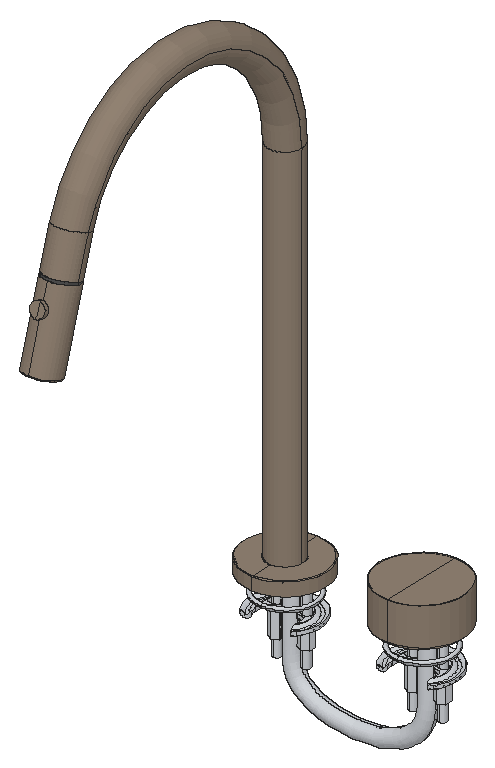
Revit family "Reece_Tap_Milli_Pure_Sink Mixer_Progressive_Pull Out Spray_Linear Texture", category Plumbing Fixtures, host Face, Revit 2018
Family settings
  Host = Face
  Round Connector Dimension = Use Diameter
  Part Type = Normal
  Cut with Voids When Loaded = No
  Shared = Yes
  Room Calculation Point = Yes
Parameters (values of type "PVD Brushed Bronze")
  WFU = 0  # constant formula
  URL = "https://www.reece.com.au/product/-9511139"
  Type Comments = "Tap"
  Reece_Tap_Reach = 222.77 mm
  Reece_Tap_Inlet = 12 mm  # constant formula
  Reece_Tap_Clearance = 226.452 mm
  Reece_Product_Web Page = "https://www.reece.com.au/product/-9511139"
  Reece_Product_Type = "Tap"  # constant formula
  Reece_Product_Sub Brand = "Pure"  # constant formula
  Reece_Product_Number = "9511139"
  Reece_Product_Mount = "Hob Mounted"
  Reece_Product_Description = "Milli Pure Progressive Sink Mixer Tap Set with Pull Out Spray and Linear Textured Handle PVD Brushed Bronze (4 Star)"
  Reece_Product_Brand = "Milli"  # constant formula
  Reece_Overall_Length = 265.863 mm
  Reece_Overall_Height = 394.3 mm
  Reece_Material_Secondary = Reece_PVD_Brushed Bronze_Linear Pattern
  Reece_Material-Main = Reece_PVD_Brushed Bronze
  Reece_Detail_Tap_Handle Texture = "Linear Texture"  # constant formula
  Reece_Detail_Installation = ""
  Reece_Detail_Disclaimer = "THIS FILE IS THE PROPERTY OF THE REECE GROUP. IT MAY NOT BE REPRODUCED, REVERSE-ENGINEERED OR MODIFIED. ANY REPUBLICATION, TRANSMISSION OR DISTRIBUTION FOR THE PURPOSE OF COMMERCIALLY EXPLOITING THE FILES IS PROHIBITED."  # constant formula
  Reece_Detail_Connector = ""
  Reece_Detail_Additional = "Sink Mixer Tap with Pull out Spray"  # constant formula
  Reece_3D Texture = no
  Reece_3D Simplified Geometry = not(Reece_3D Texture)  # yes
  Model = "Pure"
  Manufacturer = "Milli"
  Keynote = "Product #9511139, Reece_Tap_Milli_Pure_Sink Mixer_Progressive_Pull Out Spray_Linear Texture - PVD Brushed Bronze"
  HWFU = 0  # constant formula
  Disclaimer = "THIS FILE IS THE PROPERTY OF THE REECE GROUP. IT MAY NOT BE REPRODUCED, REVERSE-ENGINEERED OR MODIFIED. ANY REPUBLICATION, TRANSMISSION OR DISTRIBUTION FOR THE PURPOSE OF COMMERCIALLY EXPLOITING THE FILES IS PROHIBITED."  # constant formula
  Description = "Milli Pure Progressive Sink Mixer Tap Set with Pull Out Spray and Linear Textured Handle PVD Brushed Bronze (4 Star)"
  Default Elevation = 1000 mm
  CWFU = 0  # constant formula
Reference planes
  plane 1 "Center (Front/Back)": y = 0
  plane 2 "Bottom": z = 0
  plane 3 "Center (Left/Right)": x = 0
  plane 4 "Top": z = 394.3
  plane 5: through (0, -222.16, 228.356) normal (0, 0.9522, -0.3054)
  plane 6: y = -222.77
  plane 7: z = 226.452
  plane 8: y = -234.863
  plane 9: y = 31
Forms (mm)
  Extrusion 1, void
    sketch origin (0, 0, 0) x (1, 0, 0) y (0, 1, 0)
      loop
        circle (50, 0) r 17.5
    from 0 to -50
  Revolve 2, solid, material "Reece_PVD_Brushed Bronze" <- "Reece_Material-Main"
    sketch origin (50, 0, 0) x (0, 1, 0) y (0, 0, 1)
      loop
        line (28.5, 0) -> (28.5, 2) -> (0, 2) -> (0, 0) -> (28.5, 0)
      axis (0, 2) -> (0, 0)
    angle from 0 to 360
  Extrusion 3, void
    sketch origin (50, 2, 0) x (1, 0, 0) y (0, 1, 0)
      loop
        circle (-7, -9.5) r 6.7
      loop
        circle (-10.749, 4.019) r 3.519
      loop
        circle (10.75, 4) r 3.5
      loop
        circle (7, -9.5) r 6.7
      loop
        circle (0, 4.7) r 6.7
    from 0 to 4
  Extrusion 4, solid
    sketch origin (50, 2, 0) x (0, 1, 0) y (1, 0, 0)
      loop
        circle (4, 10.75) r 3
      loop
        circle (4, -10.75) r 3
    from 0 to 61.5
  Revolve 5, solid
    sketch origin (50, 0, -7) x (0, 1, 0) y (0, 0, 1)
      loop
        arc (18.75, -21.5) -> (21.75, -23) -> (24.75, -21.5) r 3.75
        line (24.75, -21.5) -> (25.75, -21.5) -> (25.75, -19)
        arc (25.75, -19) -> (24.212, -19.499) -> (22.941, -20.498) r 4.61
        arc (22.941, -20.498) -> (21.841, -21) -> (20.728, -20.527) r 1.5
        arc (20.728, -20.527) -> (19.122, -19.398) -> (17.2, -19) r 4.84
        line (17.2, -19) -> (17.2, -21.5) -> (18.75, -21.5)
      axis (0, -19) -> (0, -21.5)
    angle from 0 to 360
  Extrusion 6, solid
    sketch origin (50, 0, -30) x (1, 0, 0) y (0, 1, 0)
      loop
        arc (-9.053, 2.711) -> (-6.961, 7.197) -> (-11.447, 9.289) r 3.5
        line (-11.447, 9.289) -> (-13.326, 8.605)
        arc (-13.326, 8.605) -> (-15.418, 4.119) -> (-10.932, 2.027) r 3.5
        line (-10.932, 2.027) -> (-9.053, 2.711)
      loop
        arc (-5.01, 5.791) -> (-6.06, 3.288) -> (-8.263, 1.702) r 5
        line (-8.263, 1.702) -> (-13.684, -0.271)
        arc (-13.684, -0.271) -> (-14.638, -1.003) -> (-15, -2.15) r 2
        line (-15, -2.15) -> (-15, -8.417)
        arc (-15, -8.417) -> (0, 17.2) -> (15, -8.417) r 17.2
        line (15, -8.417) -> (15, -2.15)
        arc (15, -2.15) -> (14.638, -1.003) -> (13.684, -0.271) r 2
        line (13.684, -0.271) -> (8.263, 1.702)
        arc (8.263, 1.702) -> (6.06, 3.288) -> (5.01, 5.791) r 5
        line (5.01, 5.791) -> (4.466, 10.221)
        arc (4.466, 10.221) -> (0, 14.173) -> (-4.466, 10.221) r 4.5
        line (-4.466, 10.221) -> (-5.01, 5.791)
      loop
        arc (11.447, 9.289) -> (6.961, 7.197) -> (9.053, 2.711) r 3.5
        line (9.053, 2.711) -> (10.932, 2.027)
        arc (10.932, 2.027) -> (15.418, 4.119) -> (13.326, 8.605) r 3.5
        line (13.326, 8.605) -> (11.447, 9.289)
    from 1.5 to 4
  Extrusion 7, solid
    sketch origin (50, 0, -7) x (1, 0, 0) y (0, 1, 0)
      loop
        circle (10.75, 6) r 3
      loop
        line (10.75, 11.196) -> (6.25, 8.598) -> (6.25, 3.402) -> (10.75, 0.804) -> (15.25, 3.402) -> (15.25, 8.598) -> (10.75, 11.196)
      loop
        circle (-10.75, 6) r 3
      loop
        line (-10.75, 11.196) -> (-15.25, 8.598) -> (-15.25, 3.402) -> (-10.75, 0.804) -> (-6.25, 3.402) -> (-6.25, 8.598) -> (-10.75, 11.196)
    from -41.5 to -23
  Revolve 8, solid
    sketch origin (50, 0, 0) x (0, 1, 0) y (0, 0, 1)
      loop
        circle (22.2, -14) r 1.3
      axis (1, -14) -> (1, -13)
    angle from 0 to 360
  Extrusion 9, void
    sketch origin (50, 0, -23) x (1, 0, 0) y (0, 1, 0)
      loop
        line (27.556, -34.599) -> (27.556, -14.961) -> (20.958, -14.961)
        arc (20.958, -14.961) -> (17.049, -15.272) -> (15, -11.93) r 3.75
        line (15, -11.93) -> (15, -8.417) -> (-15, -8.417) -> (-15, -11.93)
        arc (-15, -11.93) -> (-17.049, -15.272) -> (-20.958, -14.961) r 3.75
        line (-20.958, -14.961) -> (-27.556, -14.961) -> (-27.556, -34.599) -> (27.556, -34.599)
    from -13.943 to 5
  Sweep 10, solid, material "Reece_PVD_Brushed Bronze" <- "Reece_Material-Main"
    path origin (-50, 0, 0) x (0, 1, 0) y (0, 0, 1)
      loop
        line (-204.384, 283.775) -> (-195.222, 312.342)
        arc (-195.222, 312.342) -> (-84.543, 380.598) -> (0, 281.8) r 100
        line (0, 281.8) -> (0, 0)
    profile origin (-50, 0, 140.9) x (1, 0, 0) y (0, 1, 0)
      loop
        circle (0, 0) r 12.5
  Sweep 11, solid, material "Reece_Brass_Matte Black"
    path origin (-50, 0, 0) x (0, 1, 0) y (0, 0, 1)
      loop
        line (-205.056, 281.68) -> (-204.445, 283.585)
    profile origin (-50, -204.751, 282.632) x (0, -0.952219, 0.305416) y (1, 0, 0)
      loop
        circle (0, 0) r 12.5
  Sweep 12, solid, material "Reece_Brass_Matte Black"
    path origin (-50, 0, 0) x (0, 1, 0) y (0, 0, 1)
      loop
        line (-205.056, 281.68) -> (-204.445, 283.585)
    profile origin (-50, -204.751, 282.632) x (0, -0.952219, 0.305416) y (1, 0, 0)
      loop
        circle (0, 0) r 12.5
  Revolve 13, solid, material "Reece_PVD_Brushed Bronze" <- "Reece_Material-Main"
    sketch origin (-50, 0, 0) x (0, 1, 0) y (0, 0, 1)
      loop
        line (-210.5, 223.126) -> (-192.963, 277.801) -> (-205.056, 281.68) -> (-222.16, 228.356) -> (-211.447, 224.92) -> (-211.766, 223.926)
        arc (-211.766, 223.926) -> (-211.713, 223.212) -> (-211.179, 222.734) r 0.956
        line (-211.179, 222.734) -> (-210.5, 223.126)
      axis (-222.77, 226.452) -> (-205.056, 281.68)
    angle from 0 to 360
  Revolve 14, solid, material "Reece_PVD_Brushed Bronze" <- "Reece_Material-Main"
    sketch origin (-50, 0, 0) x (0, 1, 0) y (0, 0, 1)
      loop
        line (-30, 9.4) -> (-30, 0) -> (-10, 0) -> (-10, 7.624) -> (-13.394, 10) -> (-29.4, 10) -> (-30, 9.4)
      axis (0, 10) -> (0, 0)
    angle from 0 to 360
  Revolve 15, solid, material "Reece_Brass_Matte Black"
    sketch origin (-50, 0, 0) x (0, 1, 0) y (0, 0, 1)
      loop
        line (-213.327, 225.523) -> (-222.16, 228.356) -> (-222.601, 226.979) -> (-213.769, 224.146) -> (-213.327, 225.523)
      axis (-222.601, 226.979) -> (-222.16, 228.356)
    angle from 0 to 360
  Extrusion 16, void
    sketch origin (0, -222.16, 228.356) x (0, -0.305416, -0.952219) y (-1, 0, 0)
      loop
        arc (-35.2, 47.723) -> (-33.401, 49.521) -> (-35.2, 51.32) r 1.799
        line (-35.2, 51.32) -> (-39.8, 51.32)
        arc (-39.8, 51.32) -> (-41.599, 49.521) -> (-39.8, 47.723) r 1.799
        line (-39.8, 47.723) -> (-35.2, 47.723)
    from -15 to -11.281
  Revolve 17, solid, material "Reece_PVD_Brushed Bronze" <- "Reece_Material-Main"
    sketch origin (-50, 0, 0) x (0, 1, 0) y (0, 0, 1)
      loop
        line (-226.416, 270.582) -> (-221.018, 268.85) -> (-220.713, 269.803) -> (-223.492, 270.694) -> (-222.118, 274.979) -> (-224.737, 275.819) -> (-226.416, 270.582)
      axis (-221.018, 268.85) -> (-226.416, 270.582)
    angle from 0 to 360
  Extrusion 18, void
    sketch origin (-100, 0, 0) x (1, 0, 0) y (0, 1, 0)
      loop
        circle (50, 0) r 17.5
    from 0 to -50
  Extrusion 19, solid
    sketch origin (-50, 2, 0) x (0, 1, 0) y (1, 0, 0)
      loop
        circle (4, 10.75) r 3
      loop
        circle (4, -10.75) r 3
    from 0 to 61.5
  Revolve 20, solid
    sketch origin (-50, 0, -7) x (0, 1, 0) y (0, 0, 1)
      loop
        arc (18.75, -21.5) -> (21.75, -23) -> (24.75, -21.5) r 3.75
        line (24.75, -21.5) -> (25.75, -21.5) -> (25.75, -19)
        arc (25.75, -19) -> (24.212, -19.499) -> (22.941, -20.498) r 4.61
        arc (22.941, -20.498) -> (21.841, -21) -> (20.728, -20.527) r 1.5
        arc (20.728, -20.527) -> (19.122, -19.398) -> (17.2, -19) r 4.84
        line (17.2, -19) -> (17.2, -21.5) -> (18.75, -21.5)
      axis (0, -19) -> (0, -21.5)
    angle from 0 to 360
  Extrusion 21, solid
    sketch origin (-50, 0, -30) x (1, 0, 0) y (0, 1, 0)
      loop
        arc (-9.053, 2.711) -> (-6.961, 7.197) -> (-11.447, 9.289) r 3.5
        line (-11.447, 9.289) -> (-13.326, 8.605)
        arc (-13.326, 8.605) -> (-15.418, 4.119) -> (-10.932, 2.027) r 3.5
        line (-10.932, 2.027) -> (-9.053, 2.711)
      loop
        arc (-5.01, 5.791) -> (-6.06, 3.288) -> (-8.263, 1.702) r 5
        line (-8.263, 1.702) -> (-13.684, -0.271)
        arc (-13.684, -0.271) -> (-14.638, -1.003) -> (-15, -2.15) r 2
        line (-15, -2.15) -> (-15, -8.417)
        arc (-15, -8.417) -> (0, 17.2) -> (15, -8.417) r 17.2
        line (15, -8.417) -> (15, -2.15)
        arc (15, -2.15) -> (14.638, -1.003) -> (13.684, -0.271) r 2
        line (13.684, -0.271) -> (8.263, 1.702)
        arc (8.263, 1.702) -> (6.06, 3.288) -> (5.01, 5.791) r 5
        line (5.01, 5.791) -> (4.466, 10.221)
        arc (4.466, 10.221) -> (0, 14.173) -> (-4.466, 10.221) r 4.5
        line (-4.466, 10.221) -> (-5.01, 5.791)
      loop
        arc (11.447, 9.289) -> (6.961, 7.197) -> (9.053, 2.711) r 3.5
        line (9.053, 2.711) -> (10.932, 2.027)
        arc (10.932, 2.027) -> (15.418, 4.119) -> (13.326, 8.605) r 3.5
        line (13.326, 8.605) -> (11.447, 9.289)
    from 1.5 to 4
  Extrusion 22, solid
    sketch origin (-50, 0, -7) x (1, 0, 0) y (0, 1, 0)
      loop
        circle (10.75, 6) r 3
      loop
        line (10.75, 11.196) -> (6.25, 8.598) -> (6.25, 3.402) -> (10.75, 0.804) -> (15.25, 3.402) -> (15.25, 8.598) -> (10.75, 11.196)
      loop
        circle (-10.75, 6) r 3
      loop
        line (-10.75, 11.196) -> (-15.25, 8.598) -> (-15.25, 3.402) -> (-10.75, 0.804) -> (-6.25, 3.402) -> (-6.25, 8.598) -> (-10.75, 11.196)
    from -41.5 to -23
  Revolve 23, solid
    sketch origin (-50, 0, 0) x (0, 1, 0) y (0, 0, 1)
      loop
        circle (22.2, -14) r 1.3
      axis (1, -14) -> (1, -13)
    angle from 0 to 360
  Extrusion 24, void
    sketch origin (-50, 0, -23) x (1, 0, 0) y (0, 1, 0)
      loop
        line (27.556, -34.599) -> (27.556, -14.961) -> (20.958, -14.961)
        arc (20.958, -14.961) -> (17.049, -15.272) -> (15, -11.93) r 3.75
        line (15, -11.93) -> (15, -8.417) -> (-15, -8.417) -> (-15, -11.93)
        arc (-15, -11.93) -> (-17.049, -15.272) -> (-20.958, -14.961) r 3.75
        line (-20.958, -14.961) -> (-27.556, -14.961) -> (-27.556, -34.599) -> (27.556, -34.599)
    from -13.943 to 5
  Sweep 25, solid
    path origin (0, 0, 0) x (1, 0, 0) y (0, 0, 1)
      loop
        spline (-50, 0) -> (-50, -35.658) -> (-49.855, -51.176) -> (-48.185, -64.973) -> (-40.224, -77.244) -> (-23.351, -85.775) -> (-1.747, -89.448) -> (19.693, -87.466) -> (37.142, -80.02) -> (47.233, -67.671) -> (49.994, -51.322) -> (50.019, -32.006) -> (50, 0)
    profile origin (-1.747, 0, -89.448) x (0.041345, 0, 0.999145) y (0, -1, 0)
      loop
        circle (0, -6.25) r 6
Cuts and joins
  Extrusion 3, Extrusion 18 cuts Revolve 2
  Extrusion 3, Extrusion 18 cuts Extrusion 4
  Extrusion 9 cuts Revolve 5
  joined: Sweep 10, Revolve 14
  Extrusion 16 cuts Revolve 13
  Extrusion 24 cuts Revolve 20
Text (mm)
  text "Reece Copyright © 2018, Reece Ltd." at (-1403.988, -1192.393, 0), in view "Ref. Level"
  text "Reece ©" at (44.384, 258.95, 192.345), in view "Reece Preview"
Dimensions and locks
  "Reece_Overall_Height": plane 4 "Top" to plane 2 "Bottom"
  Revolve 13 sketch curve to Revolve 13 sketch curve = 12.7 mm
  "Reece_Tap_Clearance": plane 7 to plane 2 "Bottom"
  "Reece_Tap_Reach": plane 1 "Center (Front/Back)" to plane 6
  "Reece_Overall_Length": plane 9 to plane 8
  aligned and locked: plane 2 "Bottom" to host face
  aligned and locked: level to host face
Automatic sketch dimensions
  host sketch curve to host sketch curve = 380.785 mm
  host sketch curve to host sketch curve = 317.421 mm
  Extrusion 1 sketch curve to Extrusion 1 sketch curve = 0 mm  (x2)
  plane 1 "Center (Front/Back)" to Extrusion 1 sketch curve = 0 mm
  plane 3 "Center (Left/Right)" to Extrusion 1 sketch curve = 50 mm
  plane 1 "Center (Front/Back)" to Extrusion 1 sketch curve = 17.5 mm
  Revolve 2 sketch curve to plane 1 "Center (Front/Back)" = 0 mm  (x2)
  level to Revolve 2 sketch curve = 0 mm
  Revolve 2 sketch curve to level = 23.173 mm
  Revolve 2 sketch curve to Revolve 2 sketch curve = 130 mm
  Extrusion 3 sketch curve to plane 1 "Center (Front/Back)" = 6.019 mm
  plane 3 "Center (Left/Right)" to Extrusion 3 sketch curve = 39.251 mm
  Extrusion 3 sketch curve to Extrusion 3 sketch curve = 3.749 mm
  Extrusion 3 sketch curve to Extrusion 3 sketch curve = 10.749 mm
  Extrusion 3 sketch curve to Extrusion 3 sketch curve = 14 mm
  Extrusion 3 sketch curve to Extrusion 3 sketch curve = 10.75 mm
  Extrusion 3 sketch curve to plane 1 "Center (Front/Back)" = 6 mm
  plane 1 "Center (Front/Back)" to Extrusion 3 sketch curve = 7.5 mm  (x2)
  Extrusion 3 sketch curve to plane 1 "Center (Front/Back)" = 6.7 mm
  Extrusion 4 sketch curve to plane 1 "Center (Front/Back)" = 6 mm  (x2)
  plane 3 "Center (Left/Right)" to Extrusion 4 sketch curve = 60.75 mm
  Extrusion 4 sketch curve to Extrusion 4 sketch curve = 21.5 mm
  Revolve 5 sketch curve to plane 1 "Center (Front/Back)" = 0 mm
  Revolve 5 sketch curve to Revolve 5 sketch curve = 1.55 mm
  Revolve 5 sketch curve to Revolve 5 sketch curve = 0.072 mm
  Revolve 5 sketch curve to Revolve 5 sketch curve = 0.632 mm
  Revolve 5 sketch curve to level = 30.84 mm
  Revolve 5 sketch curve to Revolve 5 sketch curve = 0.274 mm
  Revolve 5 sketch curve to Revolve 5 sketch curve = 2.34 mm
  Revolve 5 sketch curve to Revolve 5 sketch curve = 2 mm
  Revolve 5 sketch curve to Revolve 5 sketch curve = 0.25 mm
  Revolve 5 sketch curve to Revolve 5 sketch curve = 2.5 mm  (x2)
  Revolve 5 sketch curve to Revolve 5 sketch curve = 0 mm
  Revolve 5 sketch curve to Revolve 5 sketch curve = 316.97 mm
  plane 4 "Top" to Revolve 5 sketch curve = 442.532 mm
  plane 1 "Center (Front/Back)" to Extrusion 6 sketch curve = 0 mm
  plane 1 "Center (Front/Back)" to Extrusion 6 sketch curve = 8.417 mm
  plane 3 "Center (Left/Right)" to Extrusion 6 sketch curve = 35 mm
  plane 1 "Center (Front/Back)" to Extrusion 6 sketch curve = 0.271 mm  (x2)
  Extrusion 6 sketch curve to Extrusion 6 sketch curve = 1.316 mm
  Extrusion 6 sketch curve to plane 1 "Center (Front/Back)" = 8.605 mm  (x2)
  Extrusion 6 sketch curve to Extrusion 6 sketch curve = 0.358 mm
  Extrusion 6 sketch curve to Extrusion 6 sketch curve = 0.684 mm  (x2)
  Extrusion 6 sketch curve to Extrusion 6 sketch curve = 1.197 mm  (x2)
  Extrusion 6 sketch curve to plane 1 "Center (Front/Back)" = 9.289 mm  (x2)
  Extrusion 6 sketch curve to Extrusion 6 sketch curve = 1.879 mm  (x6)
  Extrusion 6 sketch curve to plane 1 "Center (Front/Back)" = 2.027 mm  (x2)
  Extrusion 6 sketch curve to Extrusion 6 sketch curve = 0.277 mm  (x2)
  Extrusion 6 sketch curve to plane 1 "Center (Front/Back)" = 2.711 mm  (x2)
  Extrusion 6 sketch curve to plane 1 "Center (Front/Back)" = 1.702 mm  (x2)
  Extrusion 6 sketch curve to Extrusion 6 sketch curve = 0.79 mm  (x2)
  Extrusion 6 sketch curve to plane 1 "Center (Front/Back)" = 5.791 mm  (x2)
  Extrusion 6 sketch curve to Extrusion 6 sketch curve = 4.963 mm
  Extrusion 6 sketch curve to plane 1 "Center (Front/Back)" = 10.221 mm  (x2)
  Extrusion 6 sketch curve to Extrusion 6 sketch curve = 0.544 mm  (x2)
  Extrusion 6 sketch curve to Extrusion 6 sketch curve = 5.01 mm
  Extrusion 6 sketch curve to Extrusion 6 sketch curve = 4.466 mm
  Extrusion 6 sketch curve to Extrusion 6 sketch curve = 3.253 mm
  Extrusion 6 sketch curve to Extrusion 6 sketch curve = 0.92 mm
  Extrusion 6 sketch curve to Extrusion 6 sketch curve = 1.474 mm
  plane 1 "Center (Front/Back)" to Extrusion 6 sketch curve = 2.15 mm
  Extrusion 6 sketch curve to Extrusion 6 sketch curve = 2.068 mm
  Extrusion 6 sketch curve to Extrusion 6 sketch curve = 0.548 mm
  Extrusion 7 sketch curve to plane 1 "Center (Front/Back)" = 8.598 mm  (x4)
  plane 3 "Center (Left/Right)" to Extrusion 7 sketch curve = 34.75 mm
  Extrusion 7 sketch curve to plane 1 "Center (Front/Back)" = 0.804 mm  (x2)
  Extrusion 7 sketch curve to Extrusion 7 sketch curve = 4.5 mm  (x6)
  Extrusion 7 sketch curve to plane 1 "Center (Front/Back)" = 11.196 mm  (x2)
  Extrusion 7 sketch curve to Extrusion 7 sketch curve = 0 mm  (x2)
  Extrusion 7 sketch curve to Extrusion 7 sketch curve = 12.5 mm
  Extrusion 7 sketch curve to plane 1 "Center (Front/Back)" = 3.402 mm  (x4)
  Extrusion 7 sketch curve to Extrusion 7 sketch curve = 5.196 mm  (x2)
  Revolve 8 sketch curve to level = 14 mm  (x2)
  Revolve 8 sketch curve to plane 1 "Center (Front/Back)" = 1 mm
  Revolve 8 sketch curve to Revolve 8 sketch curve = 4.102 mm
  plane 3 "Center (Left/Right)" to Extrusion 9 sketch curve = 22.444 mm
  Extrusion 9 sketch curve to Extrusion 9 sketch curve = 6.599 mm  (x2)
  Extrusion 9 sketch curve to Extrusion 9 sketch curve = 2.208 mm  (x2)
  Extrusion 9 sketch curve to Extrusion 9 sketch curve = 3.75 mm  (x2)
  plane 1 "Center (Front/Back)" to Extrusion 9 sketch curve = 8.417 mm
  Extrusion 9 sketch curve to Extrusion 9 sketch curve = 30 mm
  Extrusion 9 sketch curve to Extrusion 9 sketch curve = 3.513 mm
  Extrusion 9 sketch curve to Extrusion 9 sketch curve = 3.514 mm
  Extrusion 9 sketch curve to Extrusion 9 sketch curve = 19.637 mm
  plane 5 to Sweep 10 sketch curve = 0 mm  (x2)
  Sweep 10 sketch curve to plane 1 "Center (Front/Back)" = 0 mm
  level to Sweep 10 sketch curve = 0 mm
  plane 7 to Sweep 10 sketch curve = 55.348 mm
  Sweep 10 sketch curve to plane 6 = 27.548 mm
  Sweep 10 sketch curve to plane 6 = 18.386 mm
  profile plane to Sweep 10 sketch curve = 0 mm
  Sweep 10 sketch curve to profile plane = 0 mm
  plane 5 to Sweep 11 sketch curve = 0 mm  (x2)
  Sweep 11 sketch curve to plane 6 = 17.714 mm
  Sweep 11 sketch curve to Sweep 11 sketch curve = 0.611 mm
  Sweep 11 sketch curve to profile plane = 0 mm  (x2)
  plane 5 to Sweep 12 sketch curve = 0 mm  (x2)
  Sweep 12 sketch curve to plane 6 = 17.714 mm
  Sweep 12 sketch curve to Sweep 12 sketch curve = 0.611 mm
  Sweep 12 sketch curve to profile plane = 0 mm  (x2)
  Revolve 13 sketch curve to plane 5 = 0 mm
  plane 5 to Revolve 13 sketch curve = 0 mm  (x2)
  Revolve 13 sketch curve to plane 6 = 0.611 mm
  Revolve 13 sketch curve to plane 7 = 2.526 mm
  Revolve 13 sketch curve to plane 6 = 11.004 mm
  Revolve 13 sketch curve to plane 7 = 3.718 mm
  Revolve 13 sketch curve to Revolve 13 sketch curve = 0.587 mm
  Revolve 13 sketch curve to Revolve 13 sketch curve = 0.911 mm
  Revolve 13 sketch curve to plane 7 = 3.326 mm
  Revolve 13 sketch curve to plane 6 = 17.714 mm
  Revolve 13 sketch curve to Revolve 13 sketch curve = 0.672 mm
  Revolve 13 sketch curve to plane 6 = 27.548 mm
  level to Revolve 14 sketch curve = 0 mm
  Revolve 14 sketch curve to plane 1 "Center (Front/Back)" = 0 mm
  plane 1 "Center (Front/Back)" to Revolve 14 sketch curve = 10 mm
  Revolve 14 sketch curve to Revolve 14 sketch curve = 3.394 mm
  level to Revolve 14 sketch curve = 10 mm
  Revolve 14 sketch curve to Revolve 14 sketch curve = 16.006 mm
  Revolve 14 sketch curve to Revolve 14 sketch curve = 0.6 mm  (x2)
  Revolve 14 sketch curve to Revolve 14 sketch curve = 2.376 mm
  Revolve 14 sketch curve to plane 7 = 87.067 mm
  Revolve 14 sketch curve to plane 7 = 37.067 mm
  Revolve 15 sketch curve to plane 5 = 0 mm  (x2)
  plane 5 to Revolve 15 sketch curve = 0 mm  (x2)
  Revolve 15 sketch curve to plane 6 = 0.169 mm
  Revolve 15 sketch curve to plane 6 = 0.611 mm
  Revolve 15 sketch curve to plane 7 = 2.306 mm
  Revolve 15 sketch curve to plane 6 = 18.386 mm
  Revolve 15 sketch curve to plane 6 = 27.548 mm
  Extrusion 16 sketch curve to plane 3 "Center (Left/Right)" = 47.723 mm
  Extrusion 16 sketch curve to Extrusion 16 sketch curve = 4.6 mm
  Extrusion 16 sketch curve to Extrusion 16 sketch curve = 1.799 mm
  plane 6 to Revolve 17 sketch curve = 3.646 mm
  plane 6 to Revolve 17 sketch curve = 1.966 mm
  plane 6 to Revolve 17 sketch curve = 0.722 mm
  Revolve 17 sketch curve to plane 6 = 0.652 mm
  Revolve 17 sketch curve to plane 6 = 1.752 mm
  Revolve 17 sketch curve to Revolve 17 sketch curve = 0.305 mm
  plane 7 to Revolve 17 sketch curve = 42.398 mm
  Revolve 17 sketch curve to Revolve 17 sketch curve = 0.952 mm
  Revolve 17 sketch curve to Revolve 17 sketch curve = 1.731 mm
  Revolve 17 sketch curve to Revolve 17 sketch curve = 0.892 mm
  Revolve 17 sketch curve to Revolve 17 sketch curve = 4.285 mm
  Revolve 17 sketch curve to Revolve 17 sketch curve = 0.84 mm
  Revolve 17 sketch curve to Revolve 17 sketch curve = 1.814 mm
  Revolve 17 sketch curve to Revolve 17 sketch curve = 1.148 mm
  Revolve 17 sketch curve to Revolve 17 sketch curve = 0.682 mm
  Revolve 17 sketch curve to Revolve 17 sketch curve = 0.582 mm
  Extrusion 18 sketch curve to Extrusion 18 sketch curve = 0 mm  (x2)
  plane 1 "Center (Front/Back)" to Extrusion 18 sketch curve = 0 mm
  Extrusion 18 sketch curve to plane 3 "Center (Left/Right)" = 50 mm
  plane 1 "Center (Front/Back)" to Extrusion 18 sketch curve = 17.5 mm
  Extrusion 19 sketch curve to plane 1 "Center (Front/Back)" = 6 mm  (x2)
  Extrusion 19 sketch curve to plane 3 "Center (Left/Right)" = 39.25 mm
  Extrusion 19 sketch curve to Extrusion 19 sketch curve = 21.5 mm
  Revolve 20 sketch curve to plane 1 "Center (Front/Back)" = 0 mm
  Revolve 20 sketch curve to Revolve 20 sketch curve = 1.55 mm
  Revolve 20 sketch curve to Revolve 20 sketch curve = 0.072 mm
  Revolve 20 sketch curve to Revolve 20 sketch curve = 0.632 mm
  Revolve 20 sketch curve to level = 30.84 mm
  Revolve 20 sketch curve to Revolve 20 sketch curve = 0.274 mm
  Revolve 20 sketch curve to Revolve 20 sketch curve = 2.34 mm
  Revolve 20 sketch curve to Revolve 20 sketch curve = 2 mm
  Revolve 20 sketch curve to Revolve 20 sketch curve = 0.25 mm
  Revolve 20 sketch curve to Revolve 20 sketch curve = 2.5 mm  (x2)
  Revolve 20 sketch curve to Revolve 20 sketch curve = 0 mm
  Revolve 20 sketch curve to Revolve 20 sketch curve = 316.97 mm
  plane 4 "Top" to Revolve 20 sketch curve = 442.532 mm
  plane 1 "Center (Front/Back)" to Extrusion 21 sketch curve = 0 mm
  plane 1 "Center (Front/Back)" to Extrusion 21 sketch curve = 8.417 mm
  Extrusion 21 sketch curve to plane 3 "Center (Left/Right)" = 65 mm
  plane 1 "Center (Front/Back)" to Extrusion 21 sketch curve = 0.271 mm  (x2)
  Extrusion 21 sketch curve to Extrusion 21 sketch curve = 1.316 mm
  Extrusion 21 sketch curve to plane 1 "Center (Front/Back)" = 8.605 mm  (x2)
  Extrusion 21 sketch curve to Extrusion 21 sketch curve = 0.358 mm
  Extrusion 21 sketch curve to Extrusion 21 sketch curve = 0.684 mm  (x2)
  Extrusion 21 sketch curve to Extrusion 21 sketch curve = 1.197 mm  (x2)
  Extrusion 21 sketch curve to plane 1 "Center (Front/Back)" = 9.289 mm  (x2)
  Extrusion 21 sketch curve to Extrusion 21 sketch curve = 1.879 mm  (x6)
  Extrusion 21 sketch curve to plane 1 "Center (Front/Back)" = 2.027 mm  (x2)
  Extrusion 21 sketch curve to Extrusion 21 sketch curve = 0.277 mm  (x2)
  Extrusion 21 sketch curve to plane 1 "Center (Front/Back)" = 2.711 mm  (x2)
  Extrusion 21 sketch curve to plane 1 "Center (Front/Back)" = 1.702 mm  (x2)
  Extrusion 21 sketch curve to Extrusion 21 sketch curve = 0.79 mm  (x2)
  Extrusion 21 sketch curve to plane 1 "Center (Front/Back)" = 5.791 mm  (x2)
  Extrusion 21 sketch curve to Extrusion 21 sketch curve = 4.963 mm
  Extrusion 21 sketch curve to plane 1 "Center (Front/Back)" = 10.221 mm  (x2)
  Extrusion 21 sketch curve to Extrusion 21 sketch curve = 0.544 mm  (x2)
  Extrusion 21 sketch curve to Extrusion 21 sketch curve = 5.01 mm
  Extrusion 21 sketch curve to Extrusion 21 sketch curve = 4.466 mm
  Extrusion 21 sketch curve to Extrusion 21 sketch curve = 3.253 mm
  Extrusion 21 sketch curve to Extrusion 21 sketch curve = 0.92 mm
  Extrusion 21 sketch curve to Extrusion 21 sketch curve = 1.474 mm
  plane 1 "Center (Front/Back)" to Extrusion 21 sketch curve = 2.15 mm
  Extrusion 21 sketch curve to Extrusion 21 sketch curve = 2.068 mm
  Extrusion 21 sketch curve to Extrusion 21 sketch curve = 0.548 mm
  Extrusion 22 sketch curve to plane 1 "Center (Front/Back)" = 8.598 mm  (x4)
  Extrusion 22 sketch curve to plane 3 "Center (Left/Right)" = 65.25 mm
  Extrusion 22 sketch curve to plane 1 "Center (Front/Back)" = 0.804 mm  (x2)
  Extrusion 22 sketch curve to Extrusion 22 sketch curve = 4.5 mm  (x6)
  Extrusion 22 sketch curve to plane 1 "Center (Front/Back)" = 11.196 mm  (x2)
  Extrusion 22 sketch curve to Extrusion 22 sketch curve = 0 mm  (x2)
  Extrusion 22 sketch curve to Extrusion 22 sketch curve = 12.5 mm
  Extrusion 22 sketch curve to plane 1 "Center (Front/Back)" = 3.402 mm  (x4)
  Extrusion 22 sketch curve to Extrusion 22 sketch curve = 5.196 mm  (x2)
  Revolve 23 sketch curve to level = 14 mm  (x2)
  Revolve 23 sketch curve to plane 1 "Center (Front/Back)" = 1 mm
  Revolve 23 sketch curve to Revolve 23 sketch curve = 4.102 mm
  plane 1 "Center (Front/Back)" to Extrusion 24 sketch curve = 34.599 mm
  Extrusion 24 sketch curve to plane 3 "Center (Left/Right)" = 77.556 mm
  Extrusion 24 sketch curve to Extrusion 24 sketch curve = 6.599 mm  (x2)
  Extrusion 24 sketch curve to Extrusion 24 sketch curve = 2.208 mm  (x2)
  Extrusion 24 sketch curve to Extrusion 24 sketch curve = 3.75 mm  (x2)
  plane 1 "Center (Front/Back)" to Extrusion 24 sketch curve = 8.417 mm
  Extrusion 24 sketch curve to Extrusion 24 sketch curve = 30 mm
  Extrusion 24 sketch curve to Extrusion 24 sketch curve = 6.545 mm  (x2)
  Sweep 25 sketch curve to level = 0 mm
  Sweep 25 sketch curve to plane 3 "Center (Left/Right)" = 50 mm
  plane 3 "Center (Left/Right)" to Sweep 25 sketch curve = 50 mm
  Sweep 25 sketch curve to profile plane = 0 mm
  Sweep 25 sketch curve to plane 1 "Center (Front/Back)" = 6.25 mm
  Revolve 5 sketch curve to plane 9 = 13.8 mm
  Revolve 5 sketch curve to Revolve 5 sketch curve = 3 mm
  Revolve 5 sketch curve to Revolve 5 sketch curve = 2.928 mm
  Revolve 5 sketch curve to Revolve 5 sketch curve = 1 mm
  Revolve 8 sketch curve to plane 9 = 8.8 mm
  Revolve 20 sketch curve to plane 9 = 13.8 mm
  Revolve 20 sketch curve to Revolve 20 sketch curve = 3 mm
  Revolve 20 sketch curve to Revolve 20 sketch curve = 2.928 mm
  Revolve 20 sketch curve to Revolve 20 sketch curve = 1 mm
  Revolve 23 sketch curve to plane 9 = 8.8 mm
  Revolve 2 sketch curve to Revolve 2 sketch curve = 2 mm
  Revolve 2 sketch curve to plane 9 = 2.5 mm
  radius of Extrusion 3 sketch curve = 6.7 mm  (x3)
  radius of Extrusion 3 sketch curve = 3.519 mm
  radius of Extrusion 3 sketch curve = 3.5 mm
  radius of Extrusion 4 sketch curve = 3 mm  (x2)
  radius of Extrusion 7 sketch curve = 3 mm  (x2)
  radius of Revolve 8 sketch curve = 1.3 mm
  radius of Sweep 10 sketch curve = 12.5 mm
  radius of Sweep 11 sketch curve = 12.5 mm
  radius of Sweep 12 sketch curve = 12.5 mm
  radius of Extrusion 19 sketch curve = 3 mm  (x2)
  radius of Extrusion 22 sketch curve = 3 mm  (x2)
  radius of Revolve 23 sketch curve = 1.3 mm
  radius of Sweep 25 sketch curve = 6 mm
Nested families
  nested 1: "Reece_Tap_Milli_Pure_Diverter_Linear Texture_Cap_62mm" at (50, 0, 0), visible <- "Reece_3D Texture", Reece_Material-Main <- "Reece_Material-Main", Reece_Material_Secondary <- "Reece_Material_Secondary", type "62mm x 30mm"
    with Reece_Material_Secondary Reece_PVD_Brushed Bronze_Linear Pattern, Reece_Material-Main Reece_PVD_Brushed Bronze
  nested 2: "Reece_Tap_Milli_Pure_Diverter_Texture_Main_Nested" at (50, 0, 0), visible <- "Reece_3D Simplified Geometry", Reece_Material-Main <- "Reece_Material-Main", Reece_Material_Secondary <- "Reece_Material_Secondary", type "62mm x 30mm"
    with Reece_Material_Secondary Reece_PVD_Brushed Bronze_Linear Pattern, Reece_Material-Main Reece_PVD_Brushed Bronze
Connectors
  piping at (43, -7.5, 4), diameter 12, driven by "Reece_Tap_Inlet"
    settings: on cut or joined group of Revolve 2, Extrusion 3, Extrusion 18, index 1, connector inside diameter 609.6 mm, connector length 0 mm, flow factor 0, pipe flow 0.0 L/s, pressure drop 0.0 Pa, fitting loss kfactor 0, connector angle 0.00°, fixture units 0, engagement length 0 mm, angle of deflection 0.00°, flow configuration 0, flow direction 1, fitting loss method 0, system type 29, joint type 0, gender type 0, connector reference index -1, connector utility 0, adjustable connector no, is connector primary yes, connector description ""
  piping at (57, -7.5, 4), diameter 12, driven by "Reece_Tap_Inlet"
    settings: on cut or joined group of Revolve 2, Extrusion 3, Extrusion 18, index 2, connector inside diameter 609.6 mm, connector length 0 mm, flow factor 0, pipe flow 0.0 L/s, pressure drop 0.0 Pa, fitting loss kfactor 0, connector angle 0.00°, fixture units 0, engagement length 0 mm, angle of deflection 0.00°, flow configuration 0, flow direction 1, fitting loss method 0, system type 29, joint type 0, gender type 0, connector reference index -1, connector utility 0, adjustable connector no, is connector primary no, connector description ""
Definition of nested family "Reece_Tap_Milli_Pure_Diverter_Linear Texture_Cap_62mm"
  Parameters (values of type "62mm x 30mm")
    WFU = 0  # constant formula
    Reece_Overall_Width = 62 mm
    Reece_Overall_Height = 30 mm  # constant formula
    Reece_Material_Secondary [instance] = none
    Reece_Material-Main [instance] = none
    Reece_Detail_Installation = ""
    Reece_Detail_Connector = ""
    Reece_Detail_Additional = ""
    HWFU = 0  # constant formula
    Default Elevation = 1000 mm
    CWFU = 0  # constant formula
  Reference planes
    plane 1 "Center (Front/Back)": y = 0
    plane 2 "Bottom": z = 0
    plane 3 "Center (Left/Right)": x = 0
    plane 4: y = -31
    plane 5: y = 31
    plane 6: z = 30
    plane 7: y = -29
    plane 8: y = 29
  Forms (mm)
    Extrusion 1, solid
      sketch origin (619.2, -619.2, 0) x (1, 0, 0) y (0, 1, 0)
        loop
          line (-809.2, 779.2) -> (-809.2, 461.779) -> (-428.415, 461.779) -> (-428.415, 779.2) -> (-809.2, 779.2)
      from 0 to -9.564
    Revolve 2, solid, material <- "Reece_Material-Main"
      sketch origin (0, 0, -140.292) x (0, 1, 0) y (0, 0, 1)
        loop
          line (0, 148.292) -> (-31, 148.292) -> (-31, 142.292) -> (-29, 142.292) -> (-29, 140.292) -> (-27, 140.292) -> (-27, 144.803) -> (0, 144.803) -> (0, 148.292)
        axis (0, 140.292) -> (0, 148.292)
      angle from 0 to 360
    Extrusion 3, solid, material <- "Reece_Material-Main"
      sketch origin (300, 0, 0) x (1, 0, 0) y (0, 1, 0)
        loop
          arc (-296.03, 29.736) -> (-296.921, 30.824) -> (-298.01, 29.934) r 0.995
          arc (-298.01, 29.934) -> (-298.685, 30.924) -> (-299.653, 30.218) r 0.834
          arc (-299.653, 30.218) -> (-300.619, 30.953) -> (-301.333, 29.97) r 0.849
          arc (-301.333, 29.97) -> (-302.402, 30.885) -> (-303.318, 29.816) r 0.995
          arc (-303.318, 29.816) -> (-304.445, 30.657) -> (-305.288, 29.53) r 0.995
          arc (-305.288, 29.53) -> (-306.469, 30.295) -> (-307.234, 29.115) r 0.995
          arc (-307.234, 29.115) -> (-308.464, 29.799) -> (-309.149, 28.571) r 0.995
          arc (-309.149, 28.571) -> (-310.421, 29.172) -> (-311.024, 27.901) r 0.995
          arc (-311.024, 27.901) -> (-312.333, 28.417) -> (-312.85, 27.108) r 0.995
          arc (-312.85, 27.108) -> (-314.191, 27.536) -> (-314.62, 26.197) r 0.995
          arc (-314.62, 26.197) -> (-315.986, 26.535) -> (-316.325, 25.169) r 0.995
          arc (-316.325, 25.169) -> (-317.71, 25.416) -> (-317.958, 24.031) r 0.995
          arc (-317.958, 24.031) -> (-319.357, 24.186) -> (-319.513, 22.787) r 0.995
          arc (-319.513, 22.787) -> (-320.918, 22.849) -> (-320.981, 21.443) r 0.995
          arc (-320.981, 21.443) -> (-322.388, 21.411) -> (-322.357, 20.004) r 0.995
          arc (-322.357, 20.004) -> (-323.758, 19.879) -> (-323.634, 18.478) r 0.995
          arc (-323.634, 18.478) -> (-325.024, 18.26) -> (-324.808, 16.869) r 0.995
          arc (-324.808, 16.869) -> (-326.18, 16.56) -> (-325.872, 15.187) r 0.995
          arc (-325.872, 15.187) -> (-327.221, 14.787) -> (-326.822, 13.438) r 0.995
          arc (-326.822, 13.438) -> (-328.142, 12.949) -> (-327.654, 11.629) r 0.995
          arc (-327.654, 11.629) -> (-328.938, 11.054) -> (-328.365, 9.77) r 0.995
          arc (-328.365, 9.77) -> (-329.608, 9.111) -> (-328.95, 7.867) r 0.995
          arc (-328.95, 7.867) -> (-330.147, 7.127) -> (-329.408, 5.93) r 0.995
          arc (-329.408, 5.93) -> (-330.553, 5.112) -> (-329.737, 3.966) r 0.995
          arc (-329.737, 3.966) -> (-330.825, 3.074) -> (-329.934, 1.985) r 0.995
          arc (-329.934, 1.985) -> (-330.961, 1.023) -> (-330, -0.004) r 0.995
          arc (-330, -0.004) -> (-330.961, -1.032) -> (-329.934, -1.994) r 0.995
          arc (-329.934, -1.994) -> (-330.824, -3.083) -> (-329.736, -3.975) r 0.995
          arc (-329.736, -3.975) -> (-330.552, -5.121) -> (-329.406, -5.938) r 0.995
          arc (-329.406, -5.938) -> (-330.145, -7.136) -> (-328.948, -7.875) r 0.995
          arc (-328.948, -7.875) -> (-329.605, -9.119) -> (-328.362, -9.778) r 0.995
          arc (-328.362, -9.778) -> (-328.935, -11.063) -> (-327.651, -11.637) r 0.995
          arc (-327.651, -11.637) -> (-328.138, -12.957) -> (-326.818, -13.446) r 0.995
          arc (-326.818, -13.446) -> (-327.216, -14.795) -> (-325.867, -15.195) r 0.995
          arc (-325.867, -15.195) -> (-326.175, -16.567) -> (-324.803, -16.877) r 0.995
          arc (-324.803, -16.877) -> (-325.019, -18.267) -> (-323.629, -18.484) r 0.995
          arc (-323.629, -18.484) -> (-323.752, -19.886) -> (-322.351, -20.011) r 0.995
          arc (-322.351, -20.011) -> (-322.381, -21.417) -> (-320.975, -21.449) r 0.995
          arc (-320.975, -21.449) -> (-320.912, -22.855) -> (-319.506, -22.793) r 0.995
          arc (-319.506, -22.793) -> (-319.35, -24.191) -> (-317.951, -24.036) r 0.995
          arc (-317.951, -24.036) -> (-317.703, -25.421) -> (-316.318, -25.174) r 0.995
          arc (-316.318, -25.174) -> (-315.978, -26.539) -> (-314.612, -26.201) r 0.995
          arc (-314.612, -26.201) -> (-314.183, -27.541) -> (-312.842, -27.112) r 0.995
          arc (-312.842, -27.112) -> (-312.325, -28.421) -> (-311.016, -27.904) r 0.995
          arc (-311.016, -27.904) -> (-310.413, -29.175) -> (-309.141, -28.573) r 0.995
          arc (-309.141, -28.573) -> (-308.455, -29.802) -> (-307.226, -29.117) r 0.995
          arc (-307.226, -29.117) -> (-306.46, -30.297) -> (-305.279, -29.532) r 0.995
          arc (-305.279, -29.532) -> (-304.436, -30.659) -> (-303.309, -29.817) r 0.995
          arc (-303.309, -29.817) -> (-302.393, -30.885) -> (-301.324, -29.971) r 0.995
          arc (-301.324, -29.971) -> (-300.34, -30.976) -> (-299.333, -29.993) r 0.995
          arc (-299.333, -29.993) -> (-298.285, -30.93) -> (-297.346, -29.882) r 0.995
          arc (-297.346, -29.882) -> (-296.237, -30.748) -> (-295.37, -29.641) r 0.995
          arc (-295.37, -29.641) -> (-294.206, -30.431) -> (-293.414, -29.268) r 0.995
          arc (-293.414, -29.268) -> (-292.201, -29.98) -> (-291.488, -28.767) r 0.995
          arc (-291.488, -28.767) -> (-290.229, -29.397) -> (-289.598, -28.139) r 0.995
          arc (-289.598, -28.139) -> (-288.301, -28.684) -> (-287.755, -27.387) r 0.995
          arc (-287.755, -27.387) -> (-286.425, -27.845) -> (-285.966, -26.515) r 0.995
          arc (-285.966, -26.515) -> (-284.608, -26.883) -> (-284.238, -25.526) r 0.995
          arc (-284.238, -25.526) -> (-282.859, -25.803) -> (-282.58, -24.424) r 0.995
          arc (-282.58, -24.424) -> (-281.185, -24.61) -> (-280.999, -23.215) r 0.995
          arc (-280.999, -23.215) -> (-279.595, -23.308) -> (-279.501, -21.904) r 0.995
          arc (-279.501, -21.904) -> (-278.094, -21.903) -> (-278.093, -20.496) r 0.995
          arc (-278.093, -20.496) -> (-276.689, -20.402) -> (-276.782, -18.998) r 0.995
          arc (-276.782, -18.998) -> (-275.388, -18.811) -> (-275.573, -17.416) r 0.995
          arc (-275.573, -17.416) -> (-274.194, -17.137) -> (-274.472, -15.758) r 0.995
          arc (-274.472, -15.758) -> (-273.114, -15.388) -> (-273.483, -14.03) r 0.995
          arc (-273.483, -14.03) -> (-272.153, -13.571) -> (-272.611, -12.241) r 0.995
          arc (-272.611, -12.241) -> (-271.314, -11.694) -> (-271.859, -10.397) r 0.995
          arc (-271.859, -10.397) -> (-270.602, -9.766) -> (-271.232, -8.508) r 0.995
          arc (-271.232, -8.508) -> (-270.019, -7.795) -> (-270.731, -6.582) r 0.995
          arc (-270.731, -6.582) -> (-269.568, -5.79) -> (-270.359, -4.626) r 0.995
          arc (-270.359, -4.626) -> (-269.251, -3.759) -> (-270.117, -2.65) r 0.995
          arc (-270.117, -2.65) -> (-269.069, -1.711) -> (-270.007, -0.662) r 0.995
          arc (-270.007, -0.662) -> (-269.024, 0.344) -> (-270.029, 1.328) r 0.995
          arc (-270.029, 1.328) -> (-269.115, 2.398) -> (-270.184, 3.313) r 0.995
          arc (-270.184, 3.313) -> (-269.342, 4.441) -> (-270.469, 5.283) r 0.995
          arc (-270.469, 5.283) -> (-269.704, 6.464) -> (-270.884, 7.23) r 0.995
          arc (-270.884, 7.23) -> (-270.2, 8.459) -> (-271.428, 9.145) r 0.995
          arc (-271.428, 9.145) -> (-270.826, 10.417) -> (-272.097, 11.02) r 0.995
          arc (-272.097, 11.02) -> (-271.581, 12.329) -> (-272.89, 12.846) r 0.995
          arc (-272.89, 12.846) -> (-272.462, 14.187) -> (-273.801, 14.616) r 0.995
          arc (-273.801, 14.616) -> (-273.463, 15.982) -> (-274.828, 16.321) r 0.995
          arc (-274.828, 16.321) -> (-274.581, 17.706) -> (-275.966, 17.955) r 0.995
          arc (-275.966, 17.955) -> (-275.812, 19.353) -> (-277.21, 19.509) r 0.995
          arc (-277.21, 19.509) -> (-277.148, 20.915) -> (-278.554, 20.978) r 0.995
          arc (-278.554, 20.978) -> (-278.586, 22.384) -> (-279.992, 22.354) r 0.995
          arc (-279.992, 22.354) -> (-280.118, 23.755) -> (-281.519, 23.632) r 0.995
          arc (-281.519, 23.632) -> (-281.737, 25.022) -> (-283.127, 24.805) r 0.995
          arc (-283.127, 24.805) -> (-283.436, 26.178) -> (-284.809, 25.87) r 0.995
          arc (-284.809, 25.87) -> (-285.209, 27.219) -> (-286.558, 26.82) r 0.995
          arc (-286.558, 26.82) -> (-287.047, 28.14) -> (-288.367, 27.653) r 0.995
          arc (-288.367, 27.653) -> (-288.942, 28.937) -> (-290.226, 28.363) r 0.995
          arc (-290.226, 28.363) -> (-290.885, 29.606) -> (-292.129, 28.949) r 0.995
          arc (-292.129, 28.949) -> (-292.869, 30.146) -> (-294.066, 29.407) r 0.995
          arc (-294.066, 29.407) -> (-294.884, 30.552) -> (-296.03, 29.736) r 0.995
      from 8 to 30
  Text (mm)
    text "Reece Copyright © 2018, Reece Ltd." at (-1403.988, -1192.393, 0), in view "Ref. Level"
    text "Reece ©" at (44.384, 258.95, 192.345), in view "Reece Preview"
  Dimensions and locks
    equal spacing: plane 5, plane 1 "Center (Front/Back)", plane 4
    "Reece_Overall_Width": plane 5 to plane 4
    "Reece_Overall_Height": plane 6 to plane 2 "Bottom"
    locked: plane 7 to plane 4 at 2
    locked: plane 5 to plane 8 at 2
    aligned and locked: plane 2 "Bottom" to Extrusion 1
    aligned and locked: level to Extrusion 1
  Automatic sketch dimensions
    Extrusion 1 sketch curve to Extrusion 1 sketch curve = 380.785 mm
    Extrusion 1 sketch curve to Extrusion 1 sketch curve = 317.421 mm
    Revolve 2 sketch curve to plane 4 = 0 mm
    level to Revolve 2 sketch curve = 0 mm
    Revolve 2 sketch curve to plane 7 = 0 mm
    Revolve 2 sketch curve to plane 1 "Center (Front/Back)" = 0 mm  (x2)
    plane 7 to Revolve 2 sketch curve = 2 mm
    level to Revolve 2 sketch curve = 2 mm
    level to Revolve 2 sketch curve = 4.511 mm
    Revolve 2 sketch curve to Revolve 2 sketch curve = 3.489 mm
    plane 6 to Revolve 2 sketch curve = 17.996 mm
    Revolve 2 sketch curve to Revolve 2 sketch curve = 3.712 mm
    Extrusion 3 sketch curve to plane 1 "Center (Front/Back)" = 0.99 mm
    Extrusion 3 sketch curve to Extrusion 3 sketch curve = 0 mm
    Extrusion 3 sketch curve to Extrusion 3 sketch curve = 0.132 mm  (x2)
    Extrusion 3 sketch curve to Extrusion 3 sketch curve = 0.263 mm
    Extrusion 3 sketch curve to Extrusion 3 sketch curve = 0.264 mm
    Extrusion 3 sketch curve to Extrusion 3 sketch curve = 0.393 mm
    Extrusion 3 sketch curve to Extrusion 3 sketch curve = 0.394 mm
    Extrusion 3 sketch curve to Extrusion 3 sketch curve = 0.522 mm  (x2)
    Extrusion 3 sketch curve to Extrusion 3 sketch curve = 0.648 mm  (x2)
    Extrusion 3 sketch curve to Extrusion 3 sketch curve = 0.771 mm
    Extrusion 3 sketch curve to Extrusion 3 sketch curve = 0.772 mm
    Extrusion 3 sketch curve to Extrusion 3 sketch curve = 0.891 mm
    Extrusion 3 sketch curve to Extrusion 3 sketch curve = 0.892 mm
    Extrusion 3 sketch curve to Extrusion 3 sketch curve = 1.007 mm  (x2)
    Extrusion 3 sketch curve to Extrusion 3 sketch curve = 1.008 mm
    Extrusion 3 sketch curve to Extrusion 3 sketch curve = 1.119 mm  (x3)
    Extrusion 3 sketch curve to Extrusion 3 sketch curve = 1.225 mm
    Extrusion 3 sketch curve to Extrusion 3 sketch curve = 1.226 mm  (x2)
    Extrusion 3 sketch curve to Extrusion 3 sketch curve = 1.327 mm  (x3)
    Extrusion 3 sketch curve to Extrusion 3 sketch curve = 1.422 mm  (x3)
    Extrusion 3 sketch curve to Extrusion 3 sketch curve = 1.511 mm  (x2)
    Extrusion 3 sketch curve to Extrusion 3 sketch curve = 1.512 mm
    Extrusion 3 sketch curve to Extrusion 3 sketch curve = 1.594 mm  (x3)
    Extrusion 3 sketch curve to Extrusion 3 sketch curve = 1.669 mm  (x2)
    Extrusion 3 sketch curve to Extrusion 3 sketch curve = 1.67 mm
    Extrusion 3 sketch curve to Extrusion 3 sketch curve = 1.737 mm  (x2)
    Extrusion 3 sketch curve to Extrusion 3 sketch curve = 1.738 mm
    Extrusion 3 sketch curve to Extrusion 3 sketch curve = 1.798 mm  (x3)
    plane 7 to Extrusion 3 sketch curve = 1.493 mm
    plane 8 to Extrusion 3 sketch curve = 0.765 mm
    Extrusion 3 sketch curve to Extrusion 3 sketch curve = 1.85 mm  (x2)
    plane 7 to Extrusion 3 sketch curve = 0.762 mm
    Extrusion 3 sketch curve to Extrusion 3 sketch curve = 1.851 mm
    plane 8 to Extrusion 3 sketch curve = 0.158 mm
    Extrusion 3 sketch curve to Extrusion 3 sketch curve = 1.895 mm  (x3)
    plane 7 to Extrusion 3 sketch curve = 0.156 mm
    Extrusion 3 sketch curve to plane 8 = 0.322 mm
    Extrusion 3 sketch curve to Extrusion 3 sketch curve = 1.931 mm  (x3)
    Extrusion 3 sketch curve to plane 7 = 0.323 mm
    Extrusion 3 sketch curve to Extrusion 3 sketch curve = 1.958 mm  (x2)
    Extrusion 3 sketch curve to Extrusion 3 sketch curve = 1.959 mm
    Extrusion 3 sketch curve to plane 8 = 0.892 mm
    Extrusion 3 sketch curve to Extrusion 3 sketch curve = 1.977 mm  (x3)
    Extrusion 3 sketch curve to plane 3 "Center (Left/Right)" = 0.496 mm
    Extrusion 3 sketch curve to plane 3 "Center (Left/Right)" = 0.329 mm
    plane 3 "Center (Left/Right)" to Extrusion 3 sketch curve = 1.173 mm
    plane 3 "Center (Left/Right)" to Extrusion 3 sketch curve = 1.66 mm
    Extrusion 3 sketch curve to Extrusion 3 sketch curve = 1.807 mm
    Extrusion 3 sketch curve to Extrusion 3 sketch curve = 1.982 mm  (x2)
    Extrusion 3 sketch curve to plane 8 = 0.571 mm
    Extrusion 3 sketch curve to Extrusion 3 sketch curve = 1.972 mm  (x3)
    Extrusion 3 sketch curve to plane 7 = 0.453 mm
    Extrusion 3 sketch curve to Extrusion 3 sketch curve = 1.966 mm
    Extrusion 3 sketch curve to plane 8 = 0.177 mm
    Extrusion 3 sketch curve to Extrusion 3 sketch curve = 1.95 mm  (x3)
    Extrusion 3 sketch curve to plane 7 = 0.017 mm
    Extrusion 3 sketch curve to Extrusion 3 sketch curve = 1.941 mm  (x2)
    plane 8 to Extrusion 3 sketch curve = 0.345 mm
    Extrusion 3 sketch curve to Extrusion 3 sketch curve = 1.92 mm  (x3)
    plane 7 to Extrusion 3 sketch curve = 0.548 mm
    Extrusion 3 sketch curve to Extrusion 3 sketch curve = 1.908 mm  (x2)
    Extrusion 3 sketch curve to Extrusion 3 sketch curve = 1.881 mm  (x3)
    plane 7 to Extrusion 3 sketch curve = 1.238 mm
    Extrusion 3 sketch curve to Extrusion 3 sketch curve = 1.866 mm  (x2)
    Extrusion 3 sketch curve to Extrusion 3 sketch curve = 1.834 mm  (x3)
    Extrusion 3 sketch curve to Extrusion 3 sketch curve = 1.816 mm  (x2)
    Extrusion 3 sketch curve to Extrusion 3 sketch curve = 1.779 mm  (x3)
    Extrusion 3 sketch curve to Extrusion 3 sketch curve = 1.758 mm
    Extrusion 3 sketch curve to Extrusion 3 sketch curve = 1.716 mm  (x2)
    Extrusion 3 sketch curve to Extrusion 3 sketch curve = 1.693 mm  (x2)
    Extrusion 3 sketch curve to Extrusion 3 sketch curve = 1.645 mm  (x3)
    Extrusion 3 sketch curve to Extrusion 3 sketch curve = 1.62 mm  (x2)
    Extrusion 3 sketch curve to Extrusion 3 sketch curve = 1.567 mm  (x3)
    Extrusion 3 sketch curve to Extrusion 3 sketch curve = 1.54 mm  (x2)
    Extrusion 3 sketch curve to Extrusion 3 sketch curve = 1.482 mm  (x2)
    Extrusion 3 sketch curve to Extrusion 3 sketch curve = 1.453 mm  (x2)
    Extrusion 3 sketch curve to Extrusion 3 sketch curve = 1.391 mm  (x3)
    Extrusion 3 sketch curve to Extrusion 3 sketch curve = 1.359 mm  (x2)
    Extrusion 3 sketch curve to Extrusion 3 sketch curve = 1.294 mm  (x3)
    Extrusion 3 sketch curve to Extrusion 3 sketch curve = 1.26 mm  (x2)
    Extrusion 3 sketch curve to Extrusion 3 sketch curve = 1.191 mm  (x3)
    Extrusion 3 sketch curve to Extrusion 3 sketch curve = 1.155 mm  (x2)
    Extrusion 3 sketch curve to Extrusion 3 sketch curve = 1.082 mm  (x2)
    Extrusion 3 sketch curve to Extrusion 3 sketch curve = 1.045 mm  (x2)
    Extrusion 3 sketch curve to Extrusion 3 sketch curve = 0.969 mm  (x2)
    Extrusion 3 sketch curve to Extrusion 3 sketch curve = 0.93 mm  (x2)
    Extrusion 3 sketch curve to Extrusion 3 sketch curve = 0.852 mm  (x2)
    Extrusion 3 sketch curve to Extrusion 3 sketch curve = 0.812 mm  (x2)
    Extrusion 3 sketch curve to Extrusion 3 sketch curve = 0.731 mm
    Extrusion 3 sketch curve to Extrusion 3 sketch curve = 0.69 mm
    Extrusion 3 sketch curve to Extrusion 3 sketch curve = 0.607 mm
    Extrusion 3 sketch curve to Extrusion 3 sketch curve = 0.564 mm
    Extrusion 3 sketch curve to Extrusion 3 sketch curve = 0.479 mm
    Extrusion 3 sketch curve to Extrusion 3 sketch curve = 0.436 mm
    Extrusion 3 sketch curve to Extrusion 3 sketch curve = 0.35 mm
    Extrusion 3 sketch curve to Extrusion 3 sketch curve = 0.307 mm
    Extrusion 3 sketch curve to Extrusion 3 sketch curve = 0.22 mm
    plane 1 "Center (Front/Back)" to Extrusion 3 sketch curve = 1.656 mm
    Extrusion 3 sketch curve to Extrusion 3 sketch curve = 0.176 mm
    Extrusion 3 sketch curve to plane 1 "Center (Front/Back)" = 0.333 mm
    Extrusion 3 sketch curve to Extrusion 3 sketch curve = 0.088 mm
    Extrusion 3 sketch curve to plane 7 = 0.673 mm
    Extrusion 3 sketch curve to plane 7 = 0.76 mm
    Extrusion 3 sketch curve to plane 7 = 0.893 mm
    Extrusion 3 sketch curve to plane 7 = 0.936 mm
    Extrusion 3 sketch curve to plane 7 = 0.981 mm
    Extrusion 3 sketch curve to Extrusion 3 sketch curve = 0.931 mm
    Extrusion 3 sketch curve to Extrusion 3 sketch curve = 1.715 mm
    Extrusion 3 sketch curve to Extrusion 3 sketch curve = 1.759 mm
    plane 1 "Center (Front/Back)" to Extrusion 3 sketch curve = 0.999 mm
    Extrusion 3 sketch curve to Extrusion 3 sketch curve = 1.988 mm
    Extrusion 3 sketch curve to Extrusion 3 sketch curve = 1.985 mm
    Extrusion 3 sketch curve to Extrusion 3 sketch curve = 1.483 mm
    Extrusion 3 sketch curve to Extrusion 3 sketch curve = 1.083 mm
    Extrusion 3 sketch curve to Extrusion 3 sketch curve = 0.97 mm
    plane 8 to Extrusion 3 sketch curve = 1.765 mm
    plane 8 to Extrusion 3 sketch curve = 1.496 mm
    plane 8 to Extrusion 3 sketch curve = 0.993 mm
    Extrusion 3 sketch curve to plane 8 = 0.672 mm
    Extrusion 3 sketch curve to plane 8 = 0.834 mm
    plane 5 to Extrusion 3 sketch curve = 0.897 mm
    plane 5 to Extrusion 3 sketch curve = 0.887 mm
    plane 1 "Center (Front/Back)" to Extrusion 3 sketch curve = 0.004 mm
    Extrusion 3 sketch curve to Extrusion 3 sketch curve = 0.034 mm
    Extrusion 3 sketch curve to Extrusion 3 sketch curve = 0.032 mm  (x2)
    Extrusion 3 sketch curve to Extrusion 3 sketch curve = 0.165 mm
    Extrusion 3 sketch curve to Extrusion 3 sketch curve = 0.098 mm
    Extrusion 3 sketch curve to Extrusion 3 sketch curve = 0.163 mm
    Extrusion 3 sketch curve to Extrusion 3 sketch curve = 0.164 mm
    Extrusion 3 sketch curve to Extrusion 3 sketch curve = 0.294 mm
    Extrusion 3 sketch curve to Extrusion 3 sketch curve = 0.228 mm
    Extrusion 3 sketch curve to Extrusion 3 sketch curve = 0.292 mm  (x2)
    Extrusion 3 sketch curve to Extrusion 3 sketch curve = 0.354 mm
    Extrusion 3 sketch curve to Extrusion 3 sketch curve = 0.355 mm
    Extrusion 3 sketch curve to Extrusion 3 sketch curve = 0.415 mm
    Extrusion 3 sketch curve to Extrusion 3 sketch curve = 0.476 mm
    Extrusion 3 sketch curve to Extrusion 3 sketch curve = 0.474 mm
    Extrusion 3 sketch curve to Extrusion 3 sketch curve = 0.533 mm
    Extrusion 3 sketch curve to Extrusion 3 sketch curve = 0.531 mm  (x2)
    Extrusion 3 sketch curve to Extrusion 3 sketch curve = 0.64 mm
    Extrusion 3 sketch curve to Extrusion 3 sketch curve = 0.586 mm
    Extrusion 3 sketch curve to Extrusion 3 sketch curve = 0.689 mm  (x2)
    Extrusion 3 sketch curve to Extrusion 3 sketch curve = 0.735 mm
    Extrusion 3 sketch curve to Extrusion 3 sketch curve = 0.687 mm
    Extrusion 3 sketch curve to Extrusion 3 sketch curve = 0.733 mm
    Extrusion 3 sketch curve to Extrusion 3 sketch curve = 0.734 mm
    Extrusion 3 sketch curve to Extrusion 3 sketch curve = 0.776 mm
    Extrusion 3 sketch curve to Extrusion 3 sketch curve = 0.777 mm
    Extrusion 3 sketch curve to Extrusion 3 sketch curve = 0.853 mm
    Extrusion 3 sketch curve to Extrusion 3 sketch curve = 0.816 mm
    Extrusion 3 sketch curve to Extrusion 3 sketch curve = 0.885 mm  (x2)
    Extrusion 3 sketch curve to Extrusion 3 sketch curve = 0.884 mm  (x2)
    Extrusion 3 sketch curve to Extrusion 3 sketch curve = 0.938 mm  (x2)
    plane 8 to Extrusion 3 sketch curve = 0.429 mm
    plane 7 to Extrusion 3 sketch curve = 0.427 mm
    Extrusion 3 sketch curve to plane 8 = 0.115 mm
    Extrusion 3 sketch curve to plane 7 = 0.117 mm
    Extrusion 3 sketch curve to plane 8 = 0.53 mm
    Extrusion 3 sketch curve to plane 7 = 0.532 mm
    Extrusion 3 sketch curve to plane 8 = 0.816 mm
    Extrusion 3 sketch curve to plane 7 = 0.817 mm
    Extrusion 3 sketch curve to Extrusion 3 sketch curve = 0.837 mm
    Extrusion 3 sketch curve to plane 7 = 0.971 mm
    plane 3 "Center (Left/Right)" to Extrusion 3 sketch curve = 0.347 mm
    plane 3 "Center (Left/Right)" to Extrusion 3 sketch curve = 0.667 mm
    Extrusion 3 sketch curve to Extrusion 3 sketch curve = 0.817 mm
    Extrusion 3 sketch curve to plane 7 = 0.882 mm
    Extrusion 3 sketch curve to plane 8 = 0.736 mm
    Extrusion 3 sketch curve to plane 7 = 0.641 mm
    Extrusion 3 sketch curve to plane 8 = 0.407 mm
    Extrusion 3 sketch curve to plane 7 = 0.268 mm
    plane 8 to Extrusion 3 sketch curve = 0.051 mm
    plane 7 to Extrusion 3 sketch curve = 0.233 mm
    plane 8 to Extrusion 3 sketch curve = 0.637 mm
    plane 7 to Extrusion 3 sketch curve = 0.861 mm
    Extrusion 3 sketch curve to Extrusion 3 sketch curve = 0.894 mm
    Extrusion 3 sketch curve to Extrusion 3 sketch curve = 0.874 mm
    Extrusion 3 sketch curve to Extrusion 3 sketch curve = 0.895 mm
    Extrusion 3 sketch curve to Extrusion 3 sketch curve = 0.875 mm
    Extrusion 3 sketch curve to Extrusion 3 sketch curve = 0.864 mm
    Extrusion 3 sketch curve to Extrusion 3 sketch curve = 0.803 mm
    Extrusion 3 sketch curve to Extrusion 3 sketch curve = 0.83 mm
    Extrusion 3 sketch curve to Extrusion 3 sketch curve = 0.763 mm
    Extrusion 3 sketch curve to Extrusion 3 sketch curve = 0.791 mm
    Extrusion 3 sketch curve to Extrusion 3 sketch curve = 0.719 mm
    Extrusion 3 sketch curve to Extrusion 3 sketch curve = 0.703 mm
    Extrusion 3 sketch curve to Extrusion 3 sketch curve = 0.671 mm
    Extrusion 3 sketch curve to Extrusion 3 sketch curve = 0.655 mm
    Extrusion 3 sketch curve to Extrusion 3 sketch curve = 0.673 mm
    Extrusion 3 sketch curve to Extrusion 3 sketch curve = 0.656 mm
    Extrusion 3 sketch curve to Extrusion 3 sketch curve = 0.568 mm
    Extrusion 3 sketch curve to Extrusion 3 sketch curve = 0.55 mm
    Extrusion 3 sketch curve to Extrusion 3 sketch curve = 0.513 mm
    Extrusion 3 sketch curve to Extrusion 3 sketch curve = 0.494 mm
    Extrusion 3 sketch curve to Extrusion 3 sketch curve = 0.455 mm
